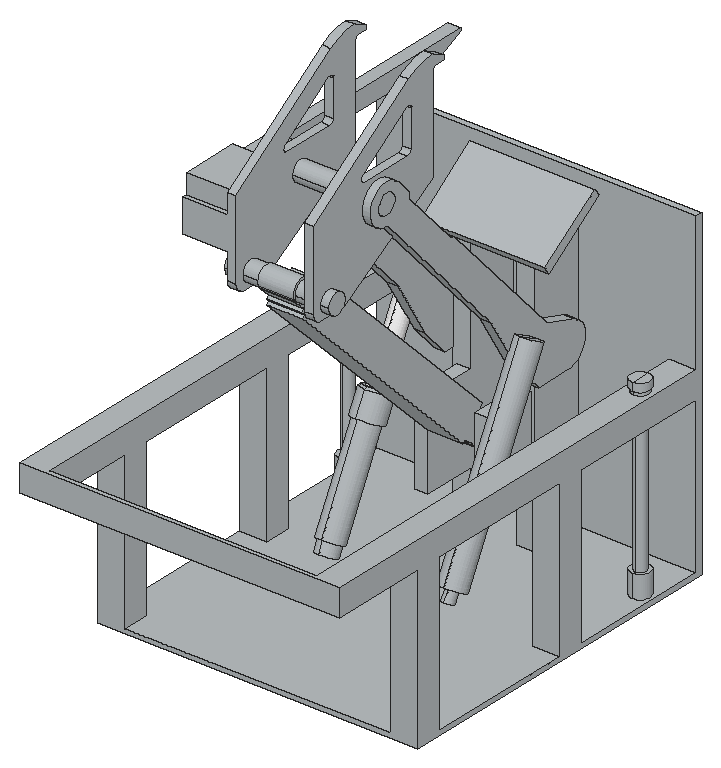
Revit family "DockEquipment_Restraint_Pentalift_HFR32", category Specialty Equipment, Revit 2026
Family settings
  Round Connector Dimension = Use Diameter
  Part Type = Normal
  Work Plane-Based = Yes
  Enable Cutting in Views = No
  Always vertical = No
  Cut with Voids When Loaded = No
  Maintain Annotation Orientation = No
  Shared = No
  Room Calculation Point = No
Parameters
  offset [instance] = 0' - 0"
  Warranty Duration (Years) = 0
  Unit Width = 1' - 6"
  Unit Height = 1' - 6 1/4"
  Unit Depth = 2' - 1 1/2"
  URL = "http://www.pentalift.com/index.php"
  Specification = ""
  SpecWizard = ""
  Send Message = "http://www.arcat.com/users.pl?action=UserEmail&company=Pentalift Equipment Corp.&coid=34752&rep=119&fax=519-763-2894&mf="
  Sales Information = "http://www.pentalift.com/about-us.htm"
  Revision = "R1_01-2012"
  Product Properties = ""
  Product Data = "http://www.arcat.com/arcatcos/cos34/arc34752.html"
  Model = "As Specified"
  Material = Metal - Steel - Pentalift - Galvanized
  Manufacturer Website = "http://www.pentalift.com/index.php"
  Manufacturer Phone - Toll Free = ""
  Manufacturer Phone = "519-763-3625 "
  Manufacturer Fax = "519-763-2894"
  Manufacturer Address = "21 Nicholas Beaver Rd. Guelph, ON, Canada N1H 6H9 "
  Manufacturer = "Pentalift Equipment Corp."
  Maintenance Schedule (Months) = 0
  Keynote = "11160"
  Installation-Fabrication = ""
  Installation Phase = ""
  Green Building-LEED = ""
  Expected Lifespan (Years) = 0
  Drawn By = "Sumex Design, Inc. / Robert S. Weygant, CSI, CDT, SCIP"
  Description = "Pentalift Dock Equipment as Specified"
  Default Elevation = 4' - 0"
  Copyright = "©Arcat Inc."
  Construction Details = "http://www.arcat.com/details/pentalif/pentalif.html?coid=34752"
  Assembly Code = "E1030300"
  Arm Angle [instance] = 45.00°
Reference planes (in)
  plane 1 "Center (Front/Back)": y = 0
  plane 2 "Bottom": z = 0
  plane 3 "Center (Left/Right)": x = 0
  plane 4 "Front": y = -12.75
  plane 5 "Back": y = 12.75
  plane 6 "Left": x = -9
  plane 7 "Right": x = 9
  plane 8 "Top": z = 18.25
  plane 9: z = 10.5
  plane 10: x = -8.25
  plane 11: x = 8.25
  plane 12: z = 6.75
  plane 13: z = 10.25
Forms (in)
  Sweep 1, solid, material "Metal - Steel - Pentalift - Galvanized" <- "Material"
    path origin (-9, 0, 0) x (0, 1, 0) y (0, 0, 1)
      loop
        line (12.75, 10.5) -> (-12.75, 10.5)
    profile origin (-9, 0, 10.5) x (0, 0, -1) y (1, 0, 0)
      loop
        line (0, 0) -> (1.5, 0) -> (1.5, 1.5) -> (0, 1.5) -> (0, 0)
  Sweep 2, solid, material "Metal - Steel - Pentalift - Galvanized" <- "Material"
    path origin (9, 16.34522, 48) x (0, 1, 0) y (0, 0, 1)
      loop
        line (-3.59522, -37.5) -> (-29.09522, -37.5)
    profile origin (9, 0, 10.5) x (0, 0, -1) y (1, 0, 0)
      loop
        line (0, 0) -> (0, -1.5) -> (1.5, -1.5) -> (1.5, 0) -> (0, 0)
  Extrusion 3, solid, material "Metal - Steel - Pentalift - Galvanized" <- "Material"
    sketch origin (-9, 0, 0) x (0, 1, 0) y (0, 0, 1)
      loop
        line (12.75, 18.25) -> (12.375, 18.25) -> (12.375, 0.25) -> (-7.25, 0.25) -> (-7.25, 0) -> (12.75, 0) -> (12.75, 18.25)
    from 0 to 18
  Extrusion 4, solid, material "Metal - Steel - Pentalift - Galvanized" <- "Material"
    sketch origin (0, 0, 0) x (1, 0, 0) y (0, 1, 0)
      loop
        line (-7.5, 2.75) -> (-7.5, 4.25) -> (-9, 4.25) -> (-9, 2.75) -> (-7.5, 2.75)
      loop
        line (7.5, 2.75) -> (9, 2.75) -> (9, 4.25) -> (7.5, 4.25) -> (7.5, 2.75)
      loop
        line (-7.5, -7.25) -> (-7.5, -5.75) -> (-9, -5.75) -> (-9, -7.25) -> (-7.5, -7.25)
      loop
        line (7.5, -7.25) -> (9, -7.25) -> (9, -5.75) -> (7.5, -5.75) -> (7.5, -7.25)
    from 0 to 10.5
  Extrusion 5, solid, material "Metal - Steel - Pentalift - Galvanized" <- "Material"
    sketch origin (0, -0.12502, 0) x (1, 0, 0) y (0, 1, 0)
      loop
        line (-2.3125, 12.5) -> (-2.3125, 9.5) -> (-1.3125, 9.5) -> (-1.3125, 12.5) -> (-2.3125, 12.5)
      loop
        line (2.3125, 12.5) -> (1.3125, 12.5) -> (1.3125, 9.5) -> (2.3125, 9.5) -> (2.3125, 12.5)
    from 0 to 15.27438
  Extrusion 6, solid, material "Metal - Steel - Pentalift - Galvanized" <- "Material"
    sketch origin (0, -0.12502, 0) x (0, 1, 0) y (0, 0, 1)
      loop
        line (12.21321, 17.78458) -> (8.73182, 15.34688) -> (9.0186, 14.9373) -> (12.5, 17.375) -> (12.21321, 17.78458)
    from -3.5 to 3.5
  Extrusion 7, solid, material "Metal - Steel - Pentalift - Galvanized" <- "Material"
    sketch origin (-9, 16.34522, 48) x (0, 1, 0) y (0, 0, 1)
      loop
        line (-29.09522, -39) -> (-28.84522, -39) -> (-28.84522, -37.5) -> (-29.09522, -37.5) -> (-29.09522, -39)
    from 0 to 18
  Revolve 8, solid, material "Metal - Steel - Pentalift - Galvanized" <- "Material"
    sketch origin (-8.25, -180, 7.53057) x (0, 0, -1) y (0, -1, 0)
      loop
        line (7.28057, -189.37498) -> (7.28057, -188.8335) -> (6.03057, -188.8335) -> (6.03057, -189.0625) -> (-2.96943, -189.0625) -> (-2.96943, -188.9145) -> (-3.17243, -188.9145) -> (-3.17243, -188.8335) -> (-3.61643, -188.8335) -> (-3.61643, -189.37498) -> (7.28057, -189.37498)
      axis (-3.61643, -189.37498) -> (7.28057, -189.37498)
    angle from 0 to 360
  Revolve 9, solid, material "Metal - Steel - Pentalift - Galvanized" <- "Material"
    sketch origin (8.25, -180, 7.28057) x (0, 0, -1) y (0, -1, 0)
      loop
        line (7.03057, -189.37498) -> (7.03057, -188.8335) -> (5.78057, -188.8335) -> (5.78057, -189.0625) -> (-3.21943, -189.0625) -> (-3.21943, -188.9145) -> (-3.42243, -188.9145) -> (-3.42243, -188.8335) -> (-3.86643, -188.8335) -> (-3.86643, -189.37498) -> (7.03057, -189.37498)
      axis (-3.86643, -189.37498) -> (7.03057, -189.37498)
    angle from 0 to 360
  Extrusion 10, solid, material "Metal - Steel - Pentalift - Galvanized" <- "Material"
    sketch origin (0, 0, 0) x (0, 1, 0) y (0, 0, 1)
      loop
        line (6.37498, 8.25) -> (6.37498, 3.25) -> (9.37498, 3.25) -> (9.37498, 8.25) -> (6.37498, 8.25)
    from -1.3125 to -2.0625
  Extrusion 11, solid, material "Metal - Steel - Pentalift - Galvanized" <- "Material"
    sketch origin (0, 0, 0) x (0, 1, 0) y (0, 0, 1)
      loop
        line (6.37498, 8.25) -> (6.37498, 3.25) -> (9.37498, 3.25) -> (9.37498, 8.25) -> (6.37498, 8.25)
    from 1.3125 to 2.0625
  Extrusion 12, solid, material "Metal - Steel - Pentalift - Galvanized" <- "Material"
    sketch origin (0, 10.875, 10.25) x (0, -0.707107, 0.707107) y (0, -0.707107, -0.707107)
      loop
        line (16.5939, -0.80727) -> (16.85622, -1.07069) -> (17.94534, -1.12367)
        arc (17.94534, -1.12367) -> (19.04808, 0.40883) -> (17.19891, 0.78986) r 1.125
        line (17.19891, 0.78986) -> (6.32199, 1.319) -> (2.58493, 2.22134) -> (0.55818, 2.31994) -> (-0.88203, 0.88573)
        arc (-0.88203, 0.88573) -> (-1.01344, -0.73174) -> (0.56323, -1.11592) r 1.25
        line (0.56323, -1.11592) -> (2.30413, -0.23724) -> (11.98018, -0.70797) -> (12.23372, -0.59515) -> (16.5939, -0.80727)
    from 2.9375 to 2.3125
  Extrusion 13, solid, material "Metal - Steel - Pentalift - Galvanized" <- "Material"
    sketch origin (0, -5.35292, 19.47792) x (0, 0.707107, -0.707107) y (0, 0.707107, 0.707107)
      loop
        line (1.50897, 1) -> (1.50818, 0.62185) -> (0.00261, 0.62499)
        arc (0.00261, 0.62499) -> (-0.62499, 0.00261) -> (-0.00261, -0.62499) r 0.625
        line (-0.00261, -0.62499) -> (0.75041, -0.62657) -> (0.75, -0.8211) -> (1.00037, -0.82163) -> (1, -1) -> (16.99581, -1) -> (16.99621, -0.81001) -> (17.25, -0.81054) -> (17.25013, -0.74843) -> (17.99687, -0.74999)
        arc (17.99687, -0.74999) -> (18.74999, -0.00313) -> (18.00313, 0.74999) r 0.75
        line (18.00313, 0.74999) -> (16.87842, 0.75234) -> (16.87894, 1) -> (1.50897, 1)
    from -1 to 1
  Extrusion 14, solid, material "Metal - Steel - Pentalift - Galvanized" <- "Material"
    sketch origin (0, 10.875, 10.25) x (0, -0.707107, 0.707107) y (0, -0.707107, -0.707107)
      loop
        line (16.5939, -0.80727) -> (16.85622, -1.07069) -> (17.94534, -1.12367)
        arc (17.94534, -1.12367) -> (19.04808, 0.40883) -> (17.19891, 0.78986) r 1.125
        line (17.19891, 0.78986) -> (6.32199, 1.319) -> (2.58493, 2.22134) -> (0.55818, 2.31994) -> (-0.88203, 0.88573)
        arc (-0.88203, 0.88573) -> (-1.01344, -0.73174) -> (0.56323, -1.11592) r 1.25
        line (0.56323, -1.11592) -> (2.30413, -0.23724) -> (11.98018, -0.70797) -> (12.23372, -0.59515) -> (16.5939, -0.80727)
    from -2.9375 to -2.3125
  Revolve 15, solid, material "Metal - Steel - Pentalift - Galvanized" <- "Material"
    sketch origin (-3.4375, -7.36974, 17.07438) x (0, 0.819152, -0.573576) y (0, 0.573576, 0.819152)
      loop
        line (16.53448, -7.56576) -> (15.53266, 0.12306) -> (14.8084, 0.02869) -> (14.70036, -0.11296) -> (14.87753, -1.47276) -> (15.03067, -1.45281) -> (15.75459, -7.00883) -> (15.88128, -6.99233) -> (15.96565, -7.63988) -> (16.53448, -7.56576)
      axis (15.53266, 0.12306) -> (16.53448, -7.56576)
    angle from 0 to 360
  Revolve 16, solid, material "Metal - Chrome - Pentalift - Polished"
    sketch origin (-3.4375, -7.36974, 17.07438) x (0, 0.819152, -0.573576) y (0, 0.573576, 0.819152)
      loop
        line (15.53266, 0.12306) -> (14.94531, 4.63088) -> (14.4495, 4.56628) -> (15.03685, 0.05846) -> (15.53266, 0.12306)
      axis (14.94531, 4.63088) -> (15.53266, 0.12306)
    angle from 0 to 360
  Revolve 17, solid, material "Metal - Steel - Pentalift - Galvanized" <- "Material"
    sketch origin (3.4375, -7.36974, 17.07438) x (0, 0.819152, -0.573576) y (0, -0.573576, -0.819152)
      loop
        line (16.53448, 7.56576) -> (16.23578, 7.60468) -> (16.1514, 6.95713) -> (15.75459, 7.00883) -> (14.2498, -4.54026) -> (14.94531, -4.63088) -> (16.53448, 7.56576)
      axis (14.94531, -4.63088) -> (16.53448, 7.56576)
    angle from 0 to 360
Cuts and joins
  joined: Sweep 1, Sweep 2, Extrusion 3, Extrusion 4, Extrusion 5, Extrusion 6, Extrusion 7, Revolve 8, Revolve 9, Extrusion 10, Extrusion 11
Lines and regions (in)
  reference lines
    curve 1: line (0, 10.875, 10.25) -> (0, -1.85292, 22.97792)
    curve 2: line (0, -5.35292, 19.47792) -> (0, 7.375, 6.75)
Dimensions and locks (in)
  equal spacing: plane 6 "Left", plane 3 "Center (Left/Right)", plane 7 "Right"
  "Unit Width": plane 6 "Left" to plane 7 "Right"
  equal spacing: plane 5 "Back", plane 1 "Center (Front/Back)", plane 4 "Front"
  "Unit Depth": plane 5 "Back" to plane 4 "Front"
  "Unit Height": plane 8 "Top" to level
  locked: plane 9 to level at 10.5
  locked: plane 5 "Back" to curve 1 at 1.875
  locked: plane 5 "Back" to curve 2 at 5.375
  "Arm Angle": angle plane 12 to curve 2
  "Arm Angle": angle plane 13 to curve 1
  aligned and locked: plane 7 "Right" to Extrusion 3
  aligned and locked: plane 7 "Right" to Extrusion 7
Automatic sketch dimensions
  Sweep 1 sketch curve to plane 4 "Front" = 0' - 0"
  Sweep 1 sketch curve to plane 5 "Back" = 0' - 0"
  Sweep 1 sketch curve to plane 9 = 0' - 0"
  Sweep 1 sketch curve to profile plane = 0' - 0"
  Sweep 1 sketch curve to plane 6 "Left" = 0' - 0"
  Sweep 1 sketch curve to profile plane = 0' - 1 1/2"
  Sweep 1 sketch curve to Sweep 1 sketch curve = 0' - 1 1/2"
  Sweep 2 sketch curve to plane 4 "Front" = 0' - 0"
  Sweep 2 sketch curve to plane 5 "Back" = 0' - 0"
  Sweep 2 sketch curve to plane 9 = 0' - 0"
  Sweep 2 sketch curve to profile plane = 0' - 0"
  Sweep 2 sketch curve to plane 7 "Right" = 0' - 0"
  Sweep 2 sketch curve to profile plane = 0' - 1 1/2"
  Sweep 2 sketch curve to plane 7 "Right" = 0' - 1 1/2"
  Extrusion 3 sketch curve to level = 0' - 0"
  Extrusion 3 sketch curve to plane 8 "Top" = 0' - 0"
  Extrusion 3 sketch curve to plane 5 "Back" = 0' - 0"
  Extrusion 3 sketch curve to plane 5 "Back" = 0' - 0 3/8"
  level to Extrusion 3 sketch curve = 0' - 0 1/4"
  plane 4 "Front" to Extrusion 3 sketch curve = 0' - 5 1/2"
  Extrusion 4 sketch curve to plane 6 "Left" = 0' - 0"  (x2)
  Extrusion 4 sketch curve to plane 7 "Right" = 0' - 0"  (x2)
  Extrusion 4 sketch curve to plane 10 = 0' - 0 3/4"  (x2)
  Extrusion 4 sketch curve to plane 11 = 0' - 0 3/4"  (x2)
  plane 4 "Front" to Extrusion 4 sketch curve = 0' - 5 1/2"  (x2)
  Extrusion 4 sketch curve to Extrusion 4 sketch curve = 0' - 1 1/2"  (x4)
  Extrusion 4 sketch curve to plane 1 "Center (Front/Back)" = 0' - 2 3/4"  (x2)
  curve 2 to plane 12 = 0' - 0"
  curve 1 to plane 13 = 0' - 0"
  Extrusion 5 sketch curve to plane 3 "Center (Left/Right)" = 0' - 2 5/16"
  Extrusion 5 sketch curve to Extrusion 5 sketch curve = 0' - 1"  (x2)
  plane 3 "Center (Left/Right)" to Extrusion 5 sketch curve = 0' - 1 5/16"
  Extrusion 5 sketch curve to plane 5 "Back" = 0' - 3.37502"  (x2)
  Extrusion 5 sketch curve to plane 5 "Back" = 0' - 0.37502"  (x2)
  Extrusion 6 sketch curve to plane 5 "Back" = 0' - 4.1432"
  Extrusion 6 sketch curve to Extrusion 6 sketch curve = 0' - 0.28679"
  Extrusion 6 sketch curve to plane 5 "Back" = 0' - 0.66181"
  Extrusion 6 sketch curve to plane 8 "Top" = 0' - 3.3127"
  Extrusion 6 sketch curve to Extrusion 6 sketch curve = 0' - 0.40958"
  Extrusion 7 sketch curve to plane 4 "Front" = 0' - 0"
  Extrusion 7 sketch curve to plane 9 = 0' - 0"
  plane 4 "Front" to Extrusion 7 sketch curve = 0' - 0 1/4"
  Extrusion 7 sketch curve to plane 13 = 0' - 1 1/4"
  Revolve 8 sketch curve to plane 9 = 0' - 0"
  plane 9 to Revolve 8 sketch curve = 0' - 0.203"
  Revolve 8 sketch curve to Revolve 8 sketch curve = 0' - 0.444"
  Revolve 8 sketch curve to Revolve 8 sketch curve = 0' - 3"
  level to Revolve 8 sketch curve = 0' - 1 1/2"
  level to Revolve 8 sketch curve = 0' - 0 1/4"
  Revolve 8 sketch curve to level = 0' - 0.603"
  Revolve 8 sketch curve to plane 5 "Back" = 0' - 3.37502"
  Revolve 8 sketch curve to Revolve 8 sketch curve = 0' - 0"
  Revolve 8 sketch curve to Revolve 8 sketch curve = 0' - 0.31248"
  Revolve 8 sketch curve to Revolve 8 sketch curve = 0' - 0.148"
  Revolve 8 sketch curve to Revolve 8 sketch curve = 0' - 0.229"
  Revolve 8 sketch curve to Revolve 8 sketch curve = 0' - 0.081"
  Revolve 9 sketch curve to plane 9 = 0' - 0"
  Revolve 9 sketch curve to plane 9 = 0' - 0.203"
  Revolve 9 sketch curve to Revolve 9 sketch curve = 0' - 0.444"
  Revolve 9 sketch curve to Revolve 9 sketch curve = 0' - 3"
  Revolve 9 sketch curve to level = 0' - 1 1/2"
  Revolve 9 sketch curve to level = 0' - 0 1/4"
  level to Revolve 9 sketch curve = 0' - 0.603"
  plane 5 "Back" to Revolve 9 sketch curve = 0' - 3.37502"
  Revolve 9 sketch curve to Revolve 9 sketch curve = 0' - 0"
  Revolve 9 sketch curve to Revolve 9 sketch curve = 0' - 0.31248"
  Revolve 9 sketch curve to Revolve 9 sketch curve = 0' - 0.148"
  Revolve 9 sketch curve to Revolve 9 sketch curve = 0' - 0.229"
  Revolve 9 sketch curve to Revolve 9 sketch curve = 0' - 0.081"
  Extrusion 10 sketch curve to plane 1 "Center (Front/Back)" = 0' - 6.37498"
  Extrusion 10 sketch curve to Extrusion 10 sketch curve = 0' - 3"
  level to Extrusion 10 sketch curve = 0' - 3 1/4"
  plane 12 to Extrusion 10 sketch curve = 0' - 1 1/2"
  Extrusion 11 sketch curve to plane 1 "Center (Front/Back)" = 0' - 6.37498"
  Extrusion 11 sketch curve to Extrusion 11 sketch curve = 0' - 3"
  level to Extrusion 11 sketch curve = 0' - 3 1/4"
  plane 12 to Extrusion 11 sketch curve = 0' - 1 1/2"
  Extrusion 12 sketch curve to curve 1 = 0' - 0"  (x4)
  Extrusion 12 sketch curve to curve 1 = 0' - 0.88203"
  curve 1 to Extrusion 12 sketch curve = 0' - 0.55818"
  curve 1 to Extrusion 12 sketch curve = 0' - 0.56323"
  curve 1 to Extrusion 12 sketch curve = 0' - 0.23724"
  Extrusion 12 sketch curve to Extrusion 12 sketch curve = 0' - 1.7409"
  Extrusion 12 sketch curve to Extrusion 12 sketch curve = 0' - 2.02675"
  Extrusion 12 sketch curve to curve 1 = 0' - 1.319"
  Extrusion 12 sketch curve to Extrusion 12 sketch curve = 0' - 3.73706"
  curve 1 to Extrusion 12 sketch curve = 0' - 0.70797"
  Extrusion 12 sketch curve to Extrusion 12 sketch curve = 0' - 5.65819"
  curve 1 to Extrusion 12 sketch curve = 0' - 0.59515"
  Extrusion 12 sketch curve to Extrusion 12 sketch curve = 0' - 0.25354"
  Extrusion 12 sketch curve to curve 1 = 0' - 1.4061"
  Extrusion 12 sketch curve to Extrusion 12 sketch curve = 0' - 0.26232"
  Extrusion 12 sketch curve to curve 1 = 0' - 0.80109"
  Extrusion 12 sketch curve to curve 1 = 0' - 0.05466"
  curve 1 to Extrusion 12 sketch curve = 0' - 0.80727"
  Extrusion 12 sketch curve to Extrusion 12 sketch curve = 0' - 0.26342"
  Extrusion 12 sketch curve to curve 1 = 0' - 1.11592"
  Extrusion 12 sketch curve to curve 1 = 0' - 1.12367"
  Extrusion 12 sketch curve to curve 1 = 0' - 2.22134"
  curve 1 to Extrusion 12 sketch curve = 0' - 2.31994"
  Extrusion 13 sketch curve to curve 2 = 0' - 0"  (x4)
  Extrusion 13 sketch curve to curve 2 = 0' - 0.00261"
  curve 2 to Extrusion 13 sketch curve = 0' - 0.00261"
  curve 2 to Extrusion 13 sketch curve = 0' - 0 3/4"
  curve 2 to Extrusion 13 sketch curve = 0' - 0.62657"
  Extrusion 13 sketch curve to Extrusion 13 sketch curve = 0' - 0.00041"
  Extrusion 13 sketch curve to Extrusion 13 sketch curve = 0' - 0 1/4"
  curve 2 to Extrusion 13 sketch curve = 0' - 0.82163"
  Extrusion 13 sketch curve to Extrusion 13 sketch curve = 0' - 0.00037"
  Extrusion 13 sketch curve to curve 2 = 0' - 0.62185"
  Extrusion 13 sketch curve to Extrusion 13 sketch curve = 0' - 0.75778"
  Extrusion 13 sketch curve to Extrusion 13 sketch curve = 0' - 0.00079"
  Extrusion 13 sketch curve to curve 2 = 0' - 1.12158"
  Extrusion 13 sketch curve to Extrusion 13 sketch curve = 0' - 0.00052"
  Extrusion 13 sketch curve to curve 2 = 0' - 1.00419"
  curve 2 to Extrusion 13 sketch curve = 0' - 0.81001"
  Extrusion 13 sketch curve to Extrusion 13 sketch curve = 0' - 0.0004"
  Extrusion 13 sketch curve to Extrusion 13 sketch curve = 0' - 0.25379"
  curve 2 to Extrusion 13 sketch curve = 0' - 0.74843"
  Extrusion 13 sketch curve to curve 2 = 0' - 0.00313"
  curve 2 to Extrusion 13 sketch curve = 0' - 0.00313"
  Extrusion 14 sketch curve to curve 1 = 0' - 0"  (x4)
  Extrusion 14 sketch curve to curve 1 = 0' - 0.88203"
  curve 1 to Extrusion 14 sketch curve = 0' - 0.55818"
  curve 1 to Extrusion 14 sketch curve = 0' - 0.56323"
  curve 1 to Extrusion 14 sketch curve = 0' - 0.23724"
  Extrusion 14 sketch curve to Extrusion 14 sketch curve = 0' - 1.7409"
  Extrusion 14 sketch curve to Extrusion 14 sketch curve = 0' - 2.02675"
  Extrusion 14 sketch curve to curve 1 = 0' - 1.319"
  Extrusion 14 sketch curve to Extrusion 14 sketch curve = 0' - 3.73706"
  curve 1 to Extrusion 14 sketch curve = 0' - 0.70797"
  Extrusion 14 sketch curve to Extrusion 14 sketch curve = 0' - 5.65819"
  curve 1 to Extrusion 14 sketch curve = 0' - 0.59515"
  Extrusion 14 sketch curve to Extrusion 14 sketch curve = 0' - 0.25354"
  Extrusion 14 sketch curve to curve 1 = 0' - 1.4061"
  Extrusion 14 sketch curve to Extrusion 14 sketch curve = 0' - 0.26232"
  Extrusion 14 sketch curve to curve 1 = 0' - 0.80109"
  Extrusion 14 sketch curve to curve 1 = 0' - 0.05466"
  curve 1 to Extrusion 14 sketch curve = 0' - 0.80727"
  Extrusion 14 sketch curve to Extrusion 14 sketch curve = 0' - 0.26342"
  Extrusion 14 sketch curve to curve 1 = 0' - 1.11592"
  Extrusion 14 sketch curve to curve 1 = 0' - 1.12367"
  Extrusion 14 sketch curve to curve 1 = 0' - 2.22134"
  curve 1 to Extrusion 14 sketch curve = 0' - 2.31994"
  Revolve 15 sketch curve to plane 13 = 0' - 1.69993"
  Revolve 15 sketch curve to plane 1 "Center (Front/Back)" = 0' - 4.6073"
  Revolve 15 sketch curve to Revolve 15 sketch curve = 0' - 0.10804"
  Revolve 15 sketch curve to Revolve 15 sketch curve = 0' - 0.17718"
  Revolve 15 sketch curve to Revolve 15 sketch curve = 0' - 0.15313"
  Revolve 15 sketch curve to Revolve 15 sketch curve = 0' - 0.72426"
  Revolve 15 sketch curve to Revolve 15 sketch curve = 0' - 0"  (x2)
  Revolve 15 sketch curve to Revolve 15 sketch curve = 0' - 0.72392"
  Revolve 15 sketch curve to Revolve 15 sketch curve = 0' - 0.12669"
  Revolve 15 sketch curve to Revolve 15 sketch curve = 0' - 0.08437"
  Revolve 15 sketch curve to Revolve 15 sketch curve = 0' - 0.56883"
  Revolve 15 sketch curve to Revolve 15 sketch curve = 0' - 0.25198"
  Revolve 15 sketch curve to Revolve 15 sketch curve = 0' - 1 87/256"
  Revolve 15 sketch curve to Revolve 15 sketch curve = 0' - 1.93392"
  plane 9 to Revolve 16 sketch curve = 0' - 2.02696"
  Revolve 16 sketch curve to plane 5 "Back" = 0' - 5.66429"
  Revolve 16 sketch curve to Revolve 16 sketch curve = 0' - 0.2697"
  Revolve 16 sketch curve to Revolve 16 sketch curve = 0' - 0.49581"
  Revolve 16 sketch curve to Revolve 16 sketch curve = 0' - 0.58735"
  Revolve 16 sketch curve to Revolve 16 sketch curve = 0' - 0"  (x2)
  Revolve 16 sketch curve to Revolve 16 sketch curve = 0' - 4.44322"
  Revolve 16 sketch curve to Revolve 16 sketch curve = 0' - 1.73533"
  plane 9 to Revolve 17 sketch curve = 0' - 2.12019"
  Revolve 17 sketch curve to plane 5 "Back" = 0' - 5.8428"
  Revolve 17 sketch curve to Revolve 17 sketch curve = 0' - 0.69551"
  Revolve 17 sketch curve to Revolve 17 sketch curve = 0' - 0.58735"
  Revolve 17 sketch curve to Revolve 17 sketch curve = 0' - 0.22193"
  Revolve 17 sketch curve to Revolve 17 sketch curve = 0' - 0.39681"
  Revolve 17 sketch curve to Revolve 17 sketch curve = 0' - 0.08437"
  Revolve 17 sketch curve to Revolve 17 sketch curve = 0' - 0.25198"
  Revolve 17 sketch curve to Revolve 17 sketch curve = 0' - 0.09062"
  Revolve 17 sketch curve to Revolve 17 sketch curve = 0' - 4 65/128"
  Revolve 17 sketch curve to Revolve 17 sketch curve = 0' - 1.93392"
Nested families (in)
  nested 1: "Hook_HFR32" at (0, -30.72792, 19.47792), Material <- "Material", type "Hook_HFR32"
    with offset 0' - 0", Material Metal - Steel - Pentalift - Galvanized
Definition of nested family "Hook_HFR32"
  Parameters
    offset [instance] = 0' - 0"
    Warranty Duration (Years) = 0
    Unit Width = 1' - 3 1/8"
    Unit Height = 1' - 5"
    Unit Depth = 4' - 8 1/4"
    URL = "http://www.pentalift.com/index.php"
    Specification = ""
    SpecWizard = ""
    Send Message = "http://www.arcat.com/users.pl?action=UserEmail&company=Pentalift Equipment Corp.&coid=34752&rep=119&fax=519-763-2894&mf="
    Sales Information = "http://www.pentalift.com/about-us.htm"
    Revision = "R1_01-2012"
    Product Properties = ""
    Product Data = "http://www.arcat.com/arcatcos/cos34/arc34752.html"
    Model = "As Specified"
    Material [instance] = none
    Manufacturer Website = "http://www.pentalift.com/index.php"
    Manufacturer Phone - Toll Free = ""
    Manufacturer Phone = "519-763-3625 "
    Manufacturer Fax = "519-763-2894"
    Manufacturer Address = "21 Nicholas Beaver Rd. Guelph, ON, Canada N1H 6H9 "
    Manufacturer = "Pentalift Equipment Corp."
    Maintenance Schedule (Months) = 0
    Keynote = "11160"
    Installation-Fabrication = ""
    Installation Phase = ""
    Green Building-LEED = ""
    Expected Lifespan (Years) = 0
    Drawn By = "Sumex Design, Inc. / Robert S. Weygant, CSI, CDT, SCIP"
    Description = "Pentalift Dock Equipment as Specified"
    Default Elevation = 4' - 0"
    Copyright = "©Arcat Inc."
    Construction Details = "http://www.arcat.com/details/pentalif/pentalif.html?coid=34752"
    Assembly Code = "E1030300"
  Reference planes (in)
    plane 1 "Center (Front/Back)": y = 0
    plane 2 "Bottom": z = 0
    plane 3 "Center (Left/Right)": x = 0
    plane 4 "Back": y = 25.375
    plane 5 "Left": x = 0
  Forms (in)
    Extrusion 1, solid, material <- "Material"
      sketch origin (0, 0, 0) x (0, 1, 0) y (0, 0, 1)
        loop
          arc (32.74573, 9.18932) -> (31.87052, 9.05882) -> (31.07146, 8.67866) r 3
          line (31.07146, 8.67866) -> (24.375, 4.17479) -> (24.375, -0.31068)
          arc (24.375, -0.31068) -> (24.52145, -0.66423) -> (24.875, -0.81068) r 0.5
          line (24.875, -0.81068) -> (26.49742, -0.81068) -> (32.74573, 2.94264) -> (32.74573, 8.31432)
          arc (32.74573, 8.31432) -> (32.81895, 8.4911) -> (32.99573, 8.56432) r 0.25
          line (32.99573, 8.56432) -> (33.49573, 8.56432) -> (33.49573, 8.81432) -> (32.74573, 9.18932)
        loop
          arc (31.24573, 7.12131) -> (31.11324, 7.34197) -> (30.85621, 7.32875) r 0.25
          line (30.85621, 7.32875) -> (27.79784, 5.27177)
          arc (27.79784, 5.27177) -> (27.69824, 4.99139) -> (27.93736, 4.81432) r 0.25
          line (27.93736, 4.81432) -> (30.99573, 4.81432)
          arc (30.99573, 4.81432) -> (31.17251, 4.88755) -> (31.24573, 5.06432) r 0.25
          line (31.24573, 5.06432) -> (31.24573, 7.12131)
      from 1.9375 to 2.4375
    Extrusion 2, solid, material <- "Material"
      sketch origin (0, 0, 0) x (0, 1, 0) y (0, 0, 1)
        loop
          arc (32.74573, 9.18932) -> (31.87052, 9.05882) -> (31.07146, 8.67866) r 3
          line (31.07146, 8.67866) -> (24.375, 4.17479) -> (24.375, -0.31068)
          arc (24.375, -0.31068) -> (24.52145, -0.66423) -> (24.875, -0.81068) r 0.5
          line (24.875, -0.81068) -> (26.49742, -0.81068) -> (32.74573, 2.94264) -> (32.74573, 8.31432)
          arc (32.74573, 8.31432) -> (32.81895, 8.4911) -> (32.99573, 8.56432) r 0.25
          line (32.99573, 8.56432) -> (33.49573, 8.56432) -> (33.49573, 8.81432) -> (32.74573, 9.18932)
        loop
          arc (31.24573, 7.12131) -> (31.11324, 7.34197) -> (30.85621, 7.32875) r 0.25
          line (30.85621, 7.32875) -> (27.79784, 5.27177)
          arc (27.79784, 5.27177) -> (27.69824, 4.99139) -> (27.93736, 4.81432) r 0.25
          line (27.93736, 4.81432) -> (30.99573, 4.81432)
          arc (30.99573, 4.81432) -> (31.17251, 4.88755) -> (31.24573, 5.06432) r 0.25
          line (31.24573, 5.06432) -> (31.24573, 7.12131)
      from -1.9375 to -2.4375
    Extrusion 3, solid, material <- "Material"
      sketch origin (0, 0, 0) x (0, 1, 0) y (0, 0, 1)
        loop
          circle (25.375, 0) r 0.5625
        loop
          circle (28.875, 3.5) r 0.5625
      from -2.9375 to 2.9375
    Extrusion 4, solid, material <- "Material"
      sketch origin (0, 0, 0) x (0, 1, 0) y (0, 0, 1)
        loop
          arc (25.375, 4) -> (24.875, 3.5) -> (25.375, 3) r 0.5
          line (25.375, 3) -> (40.56699, 3) -> (42.56699, 3.875) -> (42.56699, 4) -> (25.375, 4)
      from -4.5625 to -3.8125
    Extrusion 5, solid, material <- "Material"
      sketch origin (0, 0, 0) x (0, 1, 0) y (0, 0, 1)
        loop
          line (27.875, 4.19041) -> (24.625, 4.19041) -> (24.625, 3.06541) -> (24.375, 3.06541) -> (24.375, 1.19041) -> (29.65453, 1.19041) -> (29.65453, 2.69041) -> (27.875, 2.69041) -> (27.875, 4.19041)
      from -2.4375 to -4.9375
  Cuts and joins
    joined: Extrusion 1, Extrusion 2, Extrusion 3, Extrusion 4, Extrusion 5
